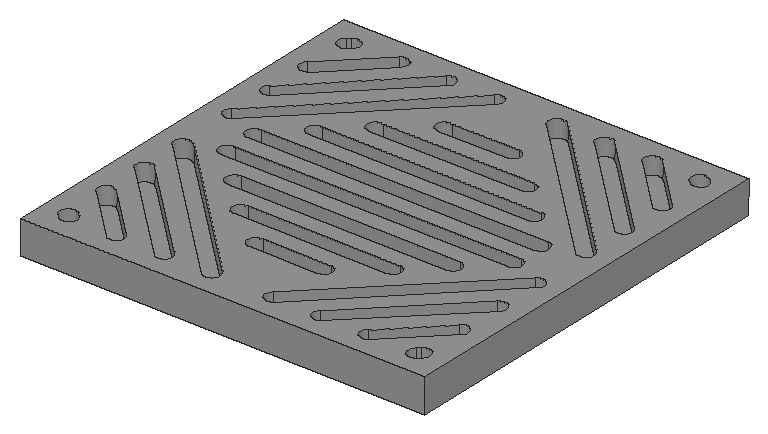
Revit family "dBA - 2 inch - Ceiling and Wall Panels 24x24", category Generic Models, Revit 2016
Family settings
  Part Type = Normal
  Can host rebar = No
  Round Connector Dimension = Use Diameter
  Work Plane-Based = Yes
  Always vertical = No
  Cut with Voids When Loaded = No
  Shared = No
  Room Calculation Point = No
Parameters (values of type "Charcoal")
  URL = "https://www.acousticalsurfaces.com/sound-silencer/dba-ceiling-wall-panel/"
  Material = "Sound Silencer dBA"
  Manufacturer = "Acoustical Surfaces, Inc."
  Finish = dBA - Charcoal
  Default Elevation = 4' - 0"
Types (2): name | Finish
  Charcoal | dBA - Charcoal
  White | dBA - White
Reference planes (in)
  plane 1 "Center (Front/Back)": y = 0
  plane 2: z = 0
  plane 3 "Center (Left/Right)": x = 0
Forms (in)
  Extrusion 1, solid, material "dBA - Charcoal" <- "Finish"
    sketch origin (0, 0, 0) x (1, 0, 0) y (0, 1, 0)
      loop
        line (12, 12) -> (-12, 12) -> (-12, -12) -> (12, -12) -> (12, 12)
    from 0 to 1
  Extrusion 2, solid, material "dBA - Charcoal" <- "Finish"
    sketch origin (0, 0, 1) x (1, 0, 0) y (0, 1, 0)
      loop
        line (12, 12) -> (-12, 12) -> (-12, -12) -> (12, -12) -> (12, 12)
      loop
        arc (-10.14645, -9.96967) -> (-10.85355, -9.96967) -> (-10.85355, -10.67678) r 0.5
        line (-10.85355, -10.67678) -> (-10.67678, -10.85355)
        arc (-10.67678, -10.85355) -> (-9.96967, -10.85355) -> (-9.96967, -10.14645) r 0.5
        line (-9.96967, -10.14645) -> (-10.14645, -9.96967)
      loop
        arc (-7.84835, -10.85355) -> (-7.14124, -10.85355) -> (-7.14124, -10.14645) r 0.5
        line (-7.14124, -10.14645) -> (-10.14645, -7.14124)
        arc (-10.14645, -7.14124) -> (-10.85355, -7.14124) -> (-10.85355, -7.84835) r 0.5
        line (-10.85355, -7.84835) -> (-7.84835, -10.85355)
      loop
        arc (-5.01992, -10.85355) -> (-4.31282, -10.85355) -> (-4.31282, -10.14645) r 0.5
        line (-4.31282, -10.14645) -> (-10.14645, -4.31282)
        arc (-10.14645, -4.31282) -> (-10.85355, -4.31282) -> (-10.85355, -5.01992) r 0.5
        line (-10.85355, -5.01992) -> (-5.01992, -10.85355)
      loop
        arc (-2.1915, -10.85355) -> (-1.48439, -10.85355) -> (-1.48439, -10.14645) r 0.5
        line (-1.48439, -10.14645) -> (-10.14645, -1.48439)
        arc (-10.14645, -1.48439) -> (-10.85355, -1.48439) -> (-10.85355, -2.1915) r 0.5
        line (-10.85355, -2.1915) -> (-2.1915, -10.85355)
      loop
        arc (2, -7.5) -> (2.5, -7) -> (2, -6.5) r 0.5
        line (2, -6.5) -> (-2, -6.5)
        arc (-2, -6.5) -> (-2.5, -7) -> (-2, -7.5) r 0.5
        line (-2, -7.5) -> (2, -7.5)
      loop
        arc (4.5, -5.5) -> (5, -5) -> (4.5, -4.5) r 0.5
        line (4.5, -4.5) -> (-4.5, -4.5)
        arc (-4.5, -4.5) -> (-5, -5) -> (-4.5, -5.5) r 0.5
        line (-4.5, -5.5) -> (4.5, -5.5)
      loop
        arc (6.5, -3.5) -> (7, -3) -> (6.5, -2.5) r 0.5
        line (6.5, -2.5) -> (-6.5, -2.5)
        arc (-6.5, -2.5) -> (-7, -3) -> (-6.5, -3.5) r 0.5
        line (-6.5, -3.5) -> (6.5, -3.5)
      loop
        arc (8.5, -1.5) -> (9, -1) -> (8.5, -0.5) r 0.5
        line (8.5, -0.5) -> (-8.5, -0.5)
        arc (-8.5, -0.5) -> (-9, -1) -> (-8.5, -1.5) r 0.5
        line (-8.5, -1.5) -> (8.5, -1.5)
      loop
        arc (8.5, 0.5) -> (9, 1) -> (8.5, 1.5) r 0.5
        line (8.5, 1.5) -> (-8.5, 1.5)
        arc (-8.5, 1.5) -> (-9, 1) -> (-8.5, 0.5) r 0.5
        line (-8.5, 0.5) -> (8.5, 0.5)
      loop
        arc (6.5, 2.5) -> (7, 3) -> (6.5, 3.5) r 0.5
        line (6.5, 3.5) -> (-6.5, 3.5)
        arc (-6.5, 3.5) -> (-7, 3) -> (-6.5, 2.5) r 0.5
        line (-6.5, 2.5) -> (6.5, 2.5)
      loop
        arc (4.5, 4.5) -> (5, 5) -> (4.5, 5.5) r 0.5
        line (4.5, 5.5) -> (-4.5, 5.5)
        arc (-4.5, 5.5) -> (-5, 5) -> (-4.5, 4.5) r 0.5
        line (-4.5, 4.5) -> (4.5, 4.5)
      loop
        line (-2, 6.5) -> (2, 6.5)
        arc (2, 6.5) -> (2.5, 7) -> (2, 7.5) r 0.5
        line (2, 7.5) -> (-2, 7.5)
        arc (-2, 7.5) -> (-2.5, 7) -> (-2, 6.5) r 0.5
      loop
        arc (-1.48439, 10.14645) -> (-1.48439, 10.85355) -> (-2.1915, 10.85355) r 0.5
        line (-2.1915, 10.85355) -> (-10.85355, 2.1915)
        arc (-10.85355, 2.1915) -> (-10.85355, 1.48439) -> (-10.14645, 1.48439) r 0.5
        line (-10.14645, 1.48439) -> (-1.48439, 10.14645)
      loop
        arc (-4.31282, 10.14645) -> (-4.31282, 10.85355) -> (-5.01992, 10.85355) r 0.5
        line (-5.01992, 10.85355) -> (-10.85355, 5.01992)
        arc (-10.85355, 5.01992) -> (-10.85355, 4.31282) -> (-10.14645, 4.31282) r 0.5
        line (-10.14645, 4.31282) -> (-4.31282, 10.14645)
      loop
        arc (-7.14124, 10.14645) -> (-7.14124, 10.85355) -> (-7.84835, 10.85355) r 0.5
        line (-7.84835, 10.85355) -> (-10.85355, 7.84835)
        arc (-10.85355, 7.84835) -> (-10.85355, 7.14124) -> (-10.14645, 7.14124) r 0.5
        line (-10.14645, 7.14124) -> (-7.14124, 10.14645)
      loop
        line (-10.14645, 9.96967) -> (-9.96967, 10.14645)
        arc (-9.96967, 10.14645) -> (-9.96967, 10.85355) -> (-10.67678, 10.85355) r 0.5
        line (-10.67678, 10.85355) -> (-10.85355, 10.67678)
        arc (-10.85355, 10.67678) -> (-10.85355, 9.96967) -> (-10.14645, 9.96967) r 0.5
      loop
        arc (10.14645, 1.48439) -> (10.85355, 1.48439) -> (10.85355, 2.1915) r 0.5
        line (10.85355, 2.1915) -> (2.1915, 10.85355)
        arc (2.1915, 10.85355) -> (1.48439, 10.85355) -> (1.48439, 10.14645) r 0.5
        line (1.48439, 10.14645) -> (10.14645, 1.48439)
      loop
        arc (10.14645, 4.31282) -> (10.85355, 4.31282) -> (10.85355, 5.01992) r 0.5
        line (10.85355, 5.01992) -> (5.01992, 10.85355)
        arc (5.01992, 10.85355) -> (4.31282, 10.85355) -> (4.31282, 10.14645) r 0.5
        line (4.31282, 10.14645) -> (10.14645, 4.31282)
      loop
        arc (10.14645, 7.14124) -> (10.85355, 7.14124) -> (10.85355, 7.84835) r 0.5
        line (10.85355, 7.84835) -> (7.84835, 10.85355)
        arc (7.84835, 10.85355) -> (7.14124, 10.85355) -> (7.14124, 10.14645) r 0.5
        line (7.14124, 10.14645) -> (10.14645, 7.14124)
      loop
        arc (10.14645, 9.96967) -> (10.85355, 9.96967) -> (10.85355, 10.67678) r 0.5
        line (10.85355, 10.67678) -> (10.67678, 10.85355)
        arc (10.67678, 10.85355) -> (9.96967, 10.85355) -> (9.96967, 10.14645) r 0.5
        line (9.96967, 10.14645) -> (10.14645, 9.96967)
      loop
        arc (1.48439, -10.14645) -> (1.48439, -10.85355) -> (2.1915, -10.85355) r 0.5
        line (2.1915, -10.85355) -> (10.85355, -2.1915)
        arc (10.85355, -2.1915) -> (10.85355, -1.48439) -> (10.14645, -1.48439) r 0.5
        line (10.14645, -1.48439) -> (1.48439, -10.14645)
      loop
        arc (4.31282, -10.14645) -> (4.31282, -10.85355) -> (5.01992, -10.85355) r 0.5
        line (5.01992, -10.85355) -> (10.85355, -5.01992)
        arc (10.85355, -5.01992) -> (10.85355, -4.31282) -> (10.14645, -4.31282) r 0.5
        line (10.14645, -4.31282) -> (4.31282, -10.14645)
      loop
        arc (7.14124, -10.14645) -> (7.14124, -10.85355) -> (7.84835, -10.85355) r 0.5
        line (7.84835, -10.85355) -> (10.85355, -7.84835)
        arc (10.85355, -7.84835) -> (10.85355, -7.14124) -> (10.14645, -7.14124) r 0.5
        line (10.14645, -7.14124) -> (7.14124, -10.14645)
      loop
        arc (9.96967, -10.14645) -> (9.96967, -10.85355) -> (10.67678, -10.85355) r 0.5
        line (10.67678, -10.85355) -> (10.85355, -10.67678)
        arc (10.85355, -10.67678) -> (10.85355, -9.96967) -> (10.14645, -9.96967) r 0.5
        line (10.14645, -9.96967) -> (9.96967, -10.14645)
    from 0 to 1
Cuts and joins
  joined: Extrusion 1, Extrusion 2
Dimensions and locks (in)
  aligned and locked: level to plane 2
